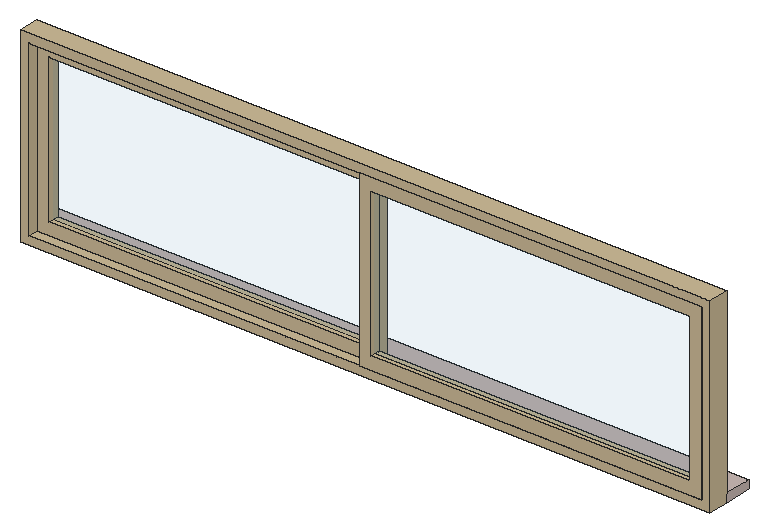
Revit family "2.00x0.55_KtWindow", category Windows, host Wall, Revit 2021
Family settings
  Host = Wall
  Always vertical = Yes
  Cut with Voids When Loaded = No
  Shared = No
  Room Calculation Point = No
Parameters (values of type "2.00 x 0.55")
  Window Width [instance] = 2000 mm
  Window Height [instance] = 550 mm
  Height = 550 mm
  Define Thermal Properties by = Schematic Type
  Default Sill Height = 800 mm
  Wall Closure = By host
  Width = 2000 mm
  Analytic Construction = "<None>"
Types (6, lengths in mm): name | Height | Width
  2.00 x 0.55 | 550 | 2000
  2 x 0.6 | 600 | 2060
  2 X 2 | 2060 | 2060
  1 X 2 | 2060 | 1060
  1.5 X 2 | 2060 | 1560
  1.5 X 1.5 | 1560 | 1560
Reference planes
  plane 1: y = 0.5
  plane 2 "Center": x = 0
  plane 3 "Left": x = -1000
  plane 4 "Right": x = 1000
  plane 5 "Sill": z = 800
  plane 6 "Head": z = 1350
  plane 7: y = 10.981
  plane 8: z = 1300
  plane 9: z = 850
  plane 10: x = -950
  plane 11: x = 950
  plane 12: z = 825
  plane 13: z = 1400
Forms (mm)
  Extrusion 1, solid, material "Default Sill", detail levels fine
    sketch origin (0, 0.519, 0) x (0, 0, -1) y (1, 0, 0)
      loop
        line (-825, 1000) -> (-825, -1000) -> (-800, -1000) -> (-800, 1000) -> (-825, 1000)
    from -104.481 to -25.944
  Extrusion 2, solid, material "Default Frame"
    sketch origin (0, 41, 0) x (0, 0, -1) y (1, 0, 0)
      loop
        line (-1350, -1000) -> (-800, -1000) -> (-800, 1000) -> (-1350, 1000) -> (-1350, -1000)
      loop
        line (-1325, -975) -> (-825, -975) -> (-825, 975) -> (-1325, 975) -> (-1325, -975)
    from 14.538 to 74.538
  Extrusion 3, solid, material "Default Frame"
    sketch origin (0, 0, 0) x (0, 0, -1) y (1, 0, 0)
      loop
        line (-825, -975) -> (-825, 15) -> (-1325, 15) -> (-1325, -975) -> (-825, -975)
      loop
        line (-860, -940) -> (-860, -15) -> (-1290, -15) -> (-1290, -940) -> (-860, -940)
    from -26.462 to 3.538
  Extrusion 4, solid, material "Default Frame"
    sketch origin (0, -3.538, 0) x (0, 0, -1) y (1, 0, 0)
      loop
        line (-1325, 975) -> (-1325, -15) -> (-825, -15) -> (-825, 975) -> (-1325, 975)
      loop
        line (-860, 15) -> (-860, 940) -> (-1290, 940) -> (-1290, 15) -> (-860, 15)
    from 0 to 30
  Extrusion 5, solid, material "Glass"
    sketch origin (0, -18.538, 0) x (0, 0, -1) y (1, 0, 0)
      loop
        line (-1290, 940) -> (-1290, 15) -> (-860, 15) -> (-860, 940) -> (-1290, 940)
    from 0 to 1
  Extrusion 6, solid, material "Glass"
    sketch origin (0, 10.981, 0) x (0, 0, -1) y (1, 0, 0)
      loop
        line (-1290, -15) -> (-1290, -940) -> (-860, -940) -> (-860, -15) -> (-1290, -15)
    from 0 to 1
Lines and regions (mm)
  Opening 1
    outline origin (-5000, -75, 0) x (1, 0, 0) y (0, 0, 1)
      loop
        line (6000, 800) -> (6000, 1350) -> (4000, 1350) -> (4000, 800) -> (6000, 800)
  symbolic lines, style "WindowsFrameMullionProjection"
    curve 1: line (0, 26.462, 0) -> (0, -33.538, 0)
  symbolic lines, style "Plan Swing"
    curve 2: line (762.249, 0.5, 0) -> (859.142, 26.462, 0)
    curve 3: line (859.142, 26.462, 0) -> (859.142, -33.538, 0)
    curve 4: line (762.249, 0.5, 0) -> (859.142, -33.538, 0)
Text (mm)
  text "EXTERIOR" at (-3259.869, 1332.353, 0), in view "Ref. Level"
  text "INTERIOR" at (-3259.869, -818.386, 0), in view "Ref. Level"
  text "Exterior" at (0, 923.751, 4164.757), in view "Right"
  text "Exterior" at (0, 2113.942, 4068.519), in view "Left"
Dimensions and locks
  equal spacing: plane 3 "Left", plane 2 "Center", plane 4 "Right"
  "Window Width": plane 3 "Left" to plane 4 "Right"
  "Window Height": plane 5 "Sill" to plane 6 "Head"
  "Default Sill Height": plane 5 "Sill" to level
  locked: plane 3 "Left" to plane 10 at 50
  locked: plane 11 to plane 4 "Right" at 50
  locked: plane 9 to plane 5 "Sill" at 50
  locked: plane 6 "Head" to plane 8 at 50
  locked: plane 5 "Sill" to plane 12 at 25
  locked: Extrusion 1 to host wall at 30
  locked: plane 4 "Right" to Extrusion 2 sketch curve at 25
  locked: plane 3 "Left" to Extrusion 2 sketch curve at 25
  locked: Extrusion 2 sketch curve to plane 5 "Sill" at 25
  locked: Extrusion 2 to plane 7 at 15.481
  locked: Extrusion 2 sketch curve to plane 6 "Head" at 25
  locked: plane 1 to plane 7 at 10.481
  Extrusion 3 sketch curve to plane 2 "Center" to Extrusion 3 sketch curve = 15 mm locked, 15 mm locked
  Extrusion 3 sketch curve to plane 10 to Extrusion 2 = 10 mm locked, 25 mm locked
  locked: plane 9 to Extrusion 3 sketch curve at 10
  locked: Extrusion 3 sketch curve to plane 8 at 10
  locked: Extrusion 2 to Extrusion 2 at 60
  locked: Extrusion 2 to Extrusion 3 at 30
  locked: Extrusion 2 to Extrusion 4 at 30
  Extrusion 3 to Extrusion 6 to Extrusion 6 = 15.481 mm locked, 1 mm locked
  Extrusion 4 to Extrusion 5 to Extrusion 5 = 14 mm locked, 1 mm locked
  locked: curve 4 to plane 4 "Right" at 237.751
  locked: curve 3 to plane 4 "Right" at 140.858
  aligned and locked: Extrusion 1 to Extrusion 2
  aligned and locked: Extrusion 3 to Extrusion 1
  aligned and locked: Extrusion 2 to Extrusion 4
  aligned and locked: Extrusion 4 sketch curve to Extrusion 3
Automatic sketch dimensions
  Extrusion 1 sketch curve to plane 3 "Left" = 0 mm
  Extrusion 1 sketch curve to plane 12 = 0 mm
  Extrusion 1 sketch curve to plane 4 "Right" = 0 mm
  Extrusion 1 sketch curve to plane 5 "Sill" = 0 mm
  Extrusion 2 sketch curve to plane 4 "Right" = 0 mm
  Extrusion 2 sketch curve to plane 6 "Head" = 0 mm
  Extrusion 2 sketch curve to plane 5 "Sill" = 0 mm
  Extrusion 2 sketch curve to plane 3 "Left" = 0 mm
  Opening 1 sketch curve to plane 3 "Left" = 0 mm
  Opening 1 sketch curve to plane 4 "Right" = 0 mm
  Opening 1 sketch curve to plane 5 "Sill" = 0 mm
  Opening 1 sketch curve to plane 6 "Head" = 0 mm
  Extrusion 3 sketch curve to plane 12 = 0 mm
  plane 6 "Head" to Extrusion 3 sketch curve = 25 mm
  Extrusion 3 sketch curve to plane 3 "Left" = 25 mm
  Extrusion 4 sketch curve to plane 12 = 0 mm
  Extrusion 4 sketch curve to plane 9 = 10 mm
  plane 8 to Extrusion 4 sketch curve = 10 mm
  plane 6 "Head" to Extrusion 4 sketch curve = 25 mm
  plane 2 "Center" to Extrusion 4 sketch curve = 15 mm
  plane 11 to Extrusion 4 sketch curve = 10 mm
  plane 4 "Right" to Extrusion 4 sketch curve = 25 mm
  plane 8 to Extrusion 5 sketch curve = 10 mm
  Extrusion 5 sketch curve to plane 9 = 10 mm
  plane 2 "Center" to Extrusion 5 sketch curve = 15 mm
  plane 11 to Extrusion 5 sketch curve = 10 mm
  plane 8 to Extrusion 6 sketch curve = 10 mm
  Extrusion 6 sketch curve to plane 9 = 10 mm
  Extrusion 6 sketch curve to plane 10 = 10 mm
  Extrusion 6 sketch curve to plane 2 "Center" = 15 mm
  curve 1 to plane 2 "Center" = 0 mm
  curve 4 to plane 1 = 0 mm
  host wall to curve 3 = 33.538 mm
  host wall to curve 1 = 33.538 mm
  curve 1 to plane 7 = 15.481 mm
  curve 3 to plane 7 = 15.481 mm
